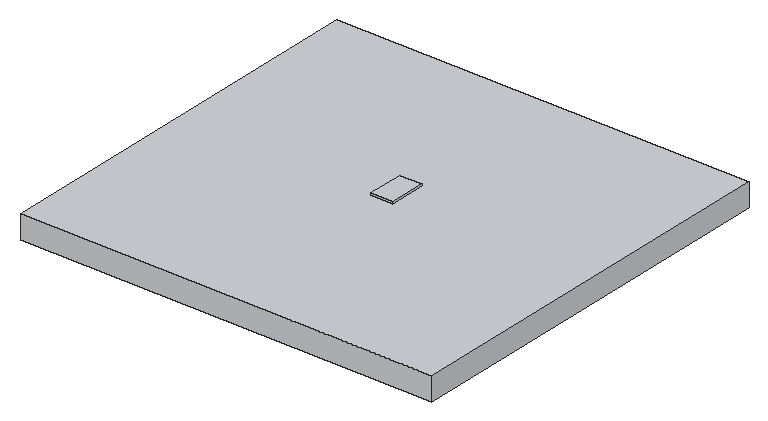
Revit family "54677ee38f4f48389568032f3b83fde9", category Electrical Fixtures, host Face, Revit 2026
Family settings
  Host = Face
  Round Connector Dimension = Use Diameter
  Part Type = Switch
  Seek Item ID = Switch-0000-CAN-ENU
  Cut with Voids When Loaded = No
  Maintain Annotation Orientation = Yes
  Shared = No
  Room Calculation Point = No
Parameters (values of type "Fan")
  Switch Voltage = 120 V
  Switch Number of Poles = 1
  Load Classification = Other
  Label = "F"
  Default Elevation = 1200 mm
  Apparent Load = 0 VA
Types (4, lengths in mm): name | Label | Default Elevation
  Motorized Door | "F" | 1200
  Motorized Shade | "MS" | 1219
  Projection Screen | "PS" | 1219
  Fan | "F" | 1200
Reference planes
  plane 1 "Center (Front/Back)": y = 0
  plane 2: z = 0
  plane 3 "Center (Left/Right)": x = 0
  plane 4: x = -34.925
  plane 5: x = 34.925
  plane 6: x = -19.05
  plane 7: x = 19.05
  plane 8: y = 57.15
  plane 9: y = -57.15
  plane 10: y = 38.1
  plane 11: y = -38.1
  plane 12 "level above": z = 4.762
  plane 13 "level below": z = -53.975
Forms (mm)
  Extrusion 1, solid
    sketch origin (0, 0, 0) x (1, 0, 0) y (0, 1, 0)
      loop
        line (-644.525, 571.5) -> (-644.525, -666.75) -> (644.525, -666.75) -> (644.525, 571.5) -> (-644.525, 571.5)
    from 0 to -72.672
  Extrusion 2, solid
    sketch origin (0, 0, 0) x (1, 0, 0) y (0, 1, 0)
      loop
        line (-34.925, 57.15) -> (-34.925, -57.15) -> (34.925, -57.15) -> (34.925, 57.15) -> (-34.925, 57.15)
    from 0 to 4.762
  Extrusion 3, solid
    sketch origin (0, 0, 0) x (1, 0, 0) y (0, 1, 0)
      loop
        line (-19.05, 38.1) -> (-19.05, -38.1) -> (19.05, -38.1) -> (19.05, 38.1) -> (-19.05, 38.1)
    from 0 to -53.975
Lines and regions (mm)
  symbolic lines, detail levels fine
    curve 1: line (-34.925, 0, 4.762) -> (34.925, 0, 4.762)
    curve 2: line (-34.925, 0, 0) -> (-34.925, 0, 4.762)
    curve 3: line (34.925, 0, 0) -> (-34.925, 0, 0)
    curve 4: line (34.925, 0, 4.762) -> (34.925, 0, 0)
    curve 5: line (-19.05, 0, -53.975) -> (19.05, 0, -53.975)
    curve 6: line (-19.05, 0, 0) -> (-19.05, 0, -53.975)
    curve 7: line (19.05, 0, -53.975) -> (19.05, 0, 0)
Dimensions and locks
  equal spacing: plane 6, plane 3 "Center (Left/Right)", plane 7, locked at 19.05 each
  locked: plane 6 to plane 7 at 38.1
  equal spacing: plane 4, plane 3 "Center (Left/Right)", plane 5, locked at 34.925 each
  locked: plane 4 to plane 5 at 69.85
  locked: plane 8 to plane 9 at 114.3
  locked: plane 12 "level above" to level at 4.763
  locked: level to plane 13 "level below" at 53.975
  locked: plane 10 to plane 11 at 76.2
  equal spacing: plane 10, plane 1 "Center (Front/Back)", plane 11, locked at 38.1 each
  equal spacing: plane 8, plane 1 "Center (Front/Back)", plane 9, locked at 57.15 each
  aligned and locked: plane 2 to Extrusion 1
  aligned and locked: level to Extrusion 1
  aligned and locked: plane 8 to Extrusion 2
  aligned and locked: Extrusion 2 to plane 9
  aligned and locked: plane 5 to Extrusion 2
  aligned and locked: Extrusion 2 to plane 4
  aligned and locked: Extrusion 2 to level
  aligned and locked: plane 12 "level above" to Extrusion 2
  aligned and locked: plane 10 to Extrusion 3
  aligned and locked: Extrusion 3 to plane 6
  aligned and locked: plane 7 to Extrusion 3
  aligned and locked: Extrusion 3 to plane 11
  aligned and locked: Extrusion 3 to level
  aligned and locked: Extrusion 3 to plane 13 "level below"
  aligned and locked: plane 3 "Center (Left/Right)" to nested 1
  aligned and locked: plane 1 "Center (Front/Back)" to nested 1
  aligned and locked: curve 1 to plane 12 "level above"
  aligned and locked: plane 2 to curve 3
  aligned and locked: curve 5 to plane 13 "level below"
Automatic sketch dimensions
  Extrusion 2 sketch curve to plane 4 = 0 mm
  Extrusion 2 sketch curve to plane 5 = 0 mm
  Extrusion 2 sketch curve to plane 9 = 0 mm
  Extrusion 2 sketch curve to plane 8 = 0 mm
  Extrusion 3 sketch curve to plane 6 = 0 mm
  Extrusion 3 sketch curve to plane 7 = 0 mm
  Extrusion 3 sketch curve to plane 11 = 0 mm
  Extrusion 3 sketch curve to plane 10 = 0 mm
  Extrusion 1 sketch curve to Extrusion 1 sketch curve = 1289.05 mm
  Extrusion 1 sketch curve to Extrusion 1 sketch curve = 1238.25 mm
  curve 2 to plane 4 = 0 mm
  curve 3 to plane 5 = 0 mm
  plane 4 to curve 7 = 53.975 mm
  curve 5 to curve 5 = 38.1 mm
Nested families
  nested 1: "M_Switch Annotation" at (0, 0, 0), type "Switch Annotation", detail levels coarse+medium
Connectors
  electrical at (0, 38.1, -26.988), driven by "Switch Voltage", driven by "Apparent Load", driven by "Switch Number of Poles", driven by "Load Classification"
    settings: on Extrusion 3, index 1, voltage 120 V, apparent load 0 VA, apparent load phase1 0 VA, apparent load phase2 0 VA, apparent load phase3 0 VA, power factor 1, load classification "Other", number of poles 1, system type 31, power factor state 1, is connector primary yes, connector utility no, sub classification motor no, connector description ""
Definition of nested family "M_Switch Annotation"
  Parameters
    Label = "SC"
  Reference planes
    plane 1: y = 0
    plane 2: x = 0
  Lines and regions (mm)
    detail lines
      curve 1: line (0, 3.175, 0) -> (0, 0, 0)
      curve 3: arc (0.383, 2.833, 0) -> (-0.62, 2.459, 0) -> (0, 1.587, 0) r 0.674
      curve 4: arc (0, 1.587, 0) -> (0.392, 0.545, 0) -> (-0.718, 0.631, 0) r 0.66
    reference lines
      curve 2: line (0, 1.587, 0) -> (-3.044, 1.588, 0)
      curve 5: line (2.564, -1.199, 0) -> (2.564, 2.384, 0)
      curve 6: line (2.564, -1.199, 0) -> (7.201, -1.199, 0)
      curve 7: line (2.564, 1.163, 0) -> (7.878, 1.163, 0)
  Text (mm)
    label "2" at (0.646, -0.127, 0), shows "Label"
  Dimensions and locks
    locked: curve 6 to curve 7 at 2.362
    locked: curve 1 to curve 5 at 2.564
    locked: curve 1 to curve 1 at 3.175
    locked: plane 1 to curve 2 at 1.588
    aligned and locked: curve 1 to curve 2
    aligned and locked: curve 3 to curve 2
    aligned and locked: curve 4 to curve 2
    aligned and locked: plane 1 to curve 1
    aligned and locked: curve 1 to plane 2
    aligned and locked: plane 2 to curve 1
